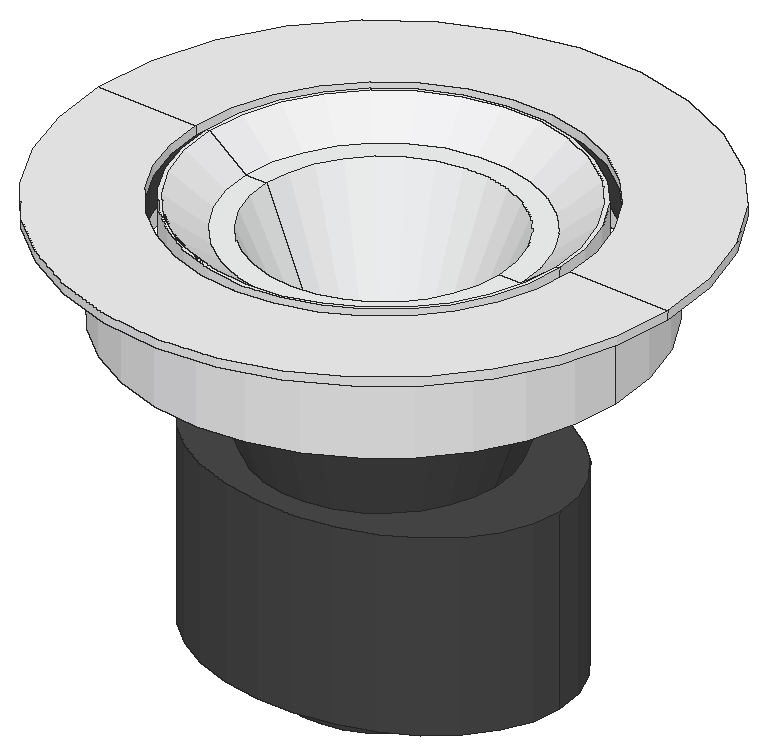
Revit family "2070022", category Lighting Fixtures, host Face, Revit 2018
Family settings
  Host = Face
  Round Connector Dimension = Use Diameter
  Part Type = Normal
  OmniClass Number = 23.80.70.11.17
  OmniClass Title = Specialized Lighting by Location or Use
  Cut with Voids When Loaded = No
  Light Source = No
  Shared = No
  Room Calculation Point = No
Parameters (values of type "EXPOSPOT 70 ADJ 90 4K WB WHT")
  Weight = 0.52 kg  # constant formula
  Total Power Consumption = 20.9996 W
  Reflector Material = Aluminum_Sylvania_Expospot_Polished
  Radius = Diameter / 2  # 68.5 mm
  Product Code = "0060248"
  Photometric Web File = IES_Expospot_70_Adjustable : 0060248
  Photobiological Risk Group = "RG1"  # constant formula
  Nominal Frequency = "50/60Hz"  # constant formula
  Mounting Outer Radius = Head Radius + 3.0 mm  # 45.5 mm
  Max. Luminaires per 20A C Breaker = "70"  # constant formula
  Max. Luminaires per 20A B Breaker = "42"  # constant formula
  Max. Luminaires per 16A C Breaker = "51"  # constant formula
  Max. Luminaires per 16A B Breaker = "31"  # constant formula
  Max. Luminaires per 13A C Breaker = "41"  # constant formula
  Max. Luminaires per 13A B Breaker = "25"  # constant formula
  Max. Luminaires per 10A C Breaker = "31"  # constant formula
  Max. Luminaires per 10A B Breaker = "19"  # constant formula
  Light Loss Factor = 1  # constant formula
  Lamp Power Factor = 0.9  # constant formula
  LOR = "100%"  # constant formula
  Keynote = ""
  Inrush Duration = "139µs"  # constant formula
  Inrush Current = 28 A  # constant formula
  Initial Intensity = 1988 lm
  Initial Color = 4000 K
  IP Rating = "IP20"  # constant formula
  IK Rating = "IK02"  # constant formula
  Height = 103.0 mm  # constant formula
  Voltage Comments = "220-240V~"  # constant formula
  Voltage = 240 V  # constant formula
  URL = "http://www.sylvania-lighting.com/product/en-int/category/interior-lighting/accent-downlights/families/expospot-led/expospot-70-adjustable"
  Product Page URL = "http://www.sylvania-lighting.com/product/en-int/products/0060248"
  Product Family = "EXPOSPOT 70 ADJUSTABLE"  # constant formula
  Head Radius = Radius - 26.0 mm  # 42.5 mm
  Head Diameter = Head Radius * 2  # 85.0 mm
  Head Angle [instance] = 0°
  Glow Wire Test = 850 °C  # constant formula
  Electrical Protection = "Class II"  # constant formula
  Drive Current = "500mA"  # constant formula
  Dimmable = "N"  # constant formula
  Diffuser Material = Acrylic_Sylvania_Expospot_4000K
  Diameter = 137.0 mm  # constant formula
  Cutout Diameter = Diameter - 11.0 mm  # 126.0 mm
  Created by URL = "http://all1studio.com/"
  Created by = "All 1 Studio Ltd. "  # constant formula
  Control Gear Type = "Electronic"  # constant formula
  Control Gear Required = "No"  # constant formula
  Control Gear Mounting = "Remote"  # constant formula
  Colour Variation Initial = "3SDCM"  # constant formula
  built-in parameter 1114216 [instance] = 1 (stored number, unit not read)
  Model = "EXPOSPOT 70 ADJ 90 4K WB WHT"
  Manufacturer = "Feilo Sylvania"  # constant formula
  Lamp = "LED"  # constant formula
  CRI = "90Ra"
  Body Material = Aluminum_Sylvania_Expospot_White
  Description = "Specifically designed for Retail and Display applications. I.e. Supermarkets Fashion Retail Department stores. Build around a 70mm reflector and lens combination."  # constant formula
  Default Elevation = 0.0 mm
  built-in parameter 1140040 [instance] = 1
  Beam Angle = 52°
  Average Life = "50 000h"  # constant formula
  Assembly Code = "D5020200"
  Apparent Load Comments = ""
  Apparent Load = 20.9996 VA
  Body Secondary Material = Plastic_Sylvania_Expospot_Black
Types (12, lengths in mm): name | Product Code | Photometric Web File | Keynote | Initial Intensity | Initial Color | URL | Product Page URL | Diffuser Material | Model | CRI | Beam Angle | Apparent Load
  EXPOSPOT 70 ADJ 90 4K WB WHT | "0060248" | IES_Expospot_70_Adjustable : 0060248 | "" | 1988 lm | 4000 K | "http://www.sylvania-lighting.com/product/en-int/category/interior-lighting/accent-downlights/families/expospot-led/expospot-70-adjustable" | "http://www.sylvania-lighting.com/product/en-int/products/0060248" | Acrylic_Sylvania_Expospot_4000K | "EXPOSPOT 70 ADJ 90 4K WB WHT" | "90Ra" | 52° | 20.9996 VA
  EXPOSPOT 70 ADJ 90 4K MB WHT | "0060247" | IES_Expospot_70_Adjustable : 0060247 | "" | 1964 lm | 4000 K | "http://www.sylvania-lighting.com/product/en-int/category/interior-lighting/accent-downlights/families/expospot-led/expospot-70-adjustable" | "http://www.sylvania-lighting.com/product/en-int/products/0060247" | Acrylic_Sylvania_Expospot_4000K | "EXPOSPOT 70 ADJ 90 4K MB WHT" | "90Ra" | 42° | 20.9996 VA
  EXPOSPOT 70 ADJ 90 4K NB WHT | "0060246" | IES_Expospot_70_Adjustable : 0060246 | "" | 1751 lm | 4000 K | "http://www.sylvania-lighting.com/product/en-int/category/interior-lighting/accent-downlights/families/expospot-led/expospot-70-adjustable" | "http://www.sylvania-lighting.com/product/en-int/products/0060246" | Acrylic_Sylvania_Expospot_4000K | "EXPOSPOT 70 ADJ 90 4K NB WHT" | "90Ra" | 24° | 20.9996 VA
  EXPOSPOT 70 ADJ 90 3K WB WHT | "0060245" | IES_Expospot_70_Adjustable : 0060245 | "" | 1815 lm | 3000 K | "http://www.sylvania-lighting.com/product/en-int/category/interior-lighting/accent-downlights/families/expospot-led/expospot-70-adjustable" | "http://www.sylvania-lighting.com/product/en-int/products/0060245" | Acrylic_Sylvania_Expospot_3000K | "EXPOSPOT 70 ADJ 90 3K WB WHT" | "90Ra" | 53° | 20.9996 VA
  EXPOSPOT 70 ADJ 90 3K MB WHT | "0060244" | IES_Expospot_70_Adjustable : 0060244 | "" | 1793 lm | 3000 K | "http://www.sylvania-lighting.com/product/en-int/category/interior-lighting/accent-downlights/families/expospot-led/expospot-70-adjustable" | "http://www.sylvania-lighting.com/product/en-int/products/0060244" | Acrylic_Sylvania_Expospot_3000K | "EXPOSPOT 70 ADJ 90 3K MB WHT" | "90Ra" | 42° | 20.9996 VA
  EXPOSPOT 70 ADJ 90 3K NB WHT | "0060243" | IES_Expospot_70_Adjustable : 0060243 | "" | 1769 lm | 3000 K | "http://www.sylvania-lighting.com/product/en-int/category/interior-lighting/accent-downlights/families/expospot-led/expospot-70-adjustable" | "http://www.sylvania-lighting.com/product/en-int/products/0060243" | Acrylic_Sylvania_Expospot_3000K | "EXPOSPOT 70 ADJ 90 3K NB WHT" | "90Ra" | 25° | 20.9996 VA
  EXPOSPOT 70 ADJ 80 4K WB WHT | "0060242" | IES_Expospot_70_Adjustable : 0060242 | "" | 1987 lm | 4000 K | "http://www.sylvania-lighting.com/product/en-int/category/interior-lighting/accent-downlights/families/expospot-led/expospot-70-adjustable" | "http://www.sylvania-lighting.com/product/en-int/products/0060242" | Acrylic_Sylvania_Expospot_4000K | "EXPOSPOT 70 ADJ 80 4K WB WHT" | "80Ra" | 54° | 20.9996 VA
  EXPOSPOT 70 ADJ 80 4K MB WHT | "0060241" | IES_Expospot_70_Adjustable : 0060241 | "" | 2224 lm | 4000 K | "http://www.sylvania-lighting.com/product/en-int/category/interior-lighting/accent-downlights/families/expospot-led/expospot-70-adjustable" | "http://www.sylvania-lighting.com/product/en-int/products/0060241" | Acrylic_Sylvania_Expospot_4000K | "EXPOSPOT 70 ADJ 80 4K MB WHT" | "80Ra" | 42° | 20.9996 VA
  EXPOSPOT 70 ADJ 80 4K NB WHT | "0060240" | IES_Expospot_70_Adjustable : 0060240 | "" | 2201 lm | 4000 K | "http://www.sylvania-lighting.com/product/en-int/category/interior-lighting/accent-downlights/families/expospot-led/expospot-70-adjustable" | "http://www.sylvania-lighting.com/product/en-int/products/0060240" | Acrylic_Sylvania_Expospot_4000K | "EXPOSPOT 70 ADJ 80 4K NB WHT" | "80Ra" | 25° | 20.9996 VA
  EXPOSPOT 70 ADJ 80 3K WB WHT | "0060239" | IES_Expospot_70_Adjustable : 0060239 | "" | 2082 lm | 3000 K | "http://www.sylvania-lighting.com/product/en-int/category/interior-lighting/accent-downlights/families/expospot-led/expospot-70-adjustable" | "http://www.sylvania-lighting.com/product/en-int/products/0060239" | Acrylic_Sylvania_Expospot_3000K | "EXPOSPOT 70 ADJ 80 3K WB WHT" | "80Ra" | 54° | 20.9996 VA
  EXPOSPOT 70 ADJ 80 3K NB WHT | "0060237" | IES_Expospot_70_Adjustable : 0060237 | "" | 2149 lm | 3000 K | "http://www.sylvania-lighting.com/product/en-int/category/interior-lighting/accent-downlights/families/expospot-led/expospot-70-adjustable" | "http://www.sylvania-lighting.com/product/en-int/products/0060237" | Acrylic_Sylvania_Expospot_3000K | "EXPOSPOT 70 ADJ 80 3K NB WHT" | "80Ra" | 43° | 20.9996 VA
  2070022 EXPOSPOT 70 ADJ RA90 3000K MB WHITE | "0060238" | IES_Expospot_70_Adjustable : 0060244 | "n/a" | 2152 lm | 3000 K | "0.95" | "http://www.sylvania-lighting.com/product/en-int/products/0060238" | Acrylic_Sylvania_Expospot_3000K | "EXPOSPOT 70 ADJUSTABLE RA90 3000K MB WHITE" | "80Ra" | 43° | 21 VA
Reference planes
  plane 1 "Center (Front/Back)": y = 0
  plane 2: z = 0
  plane 3 "Center (Left/Right)": x = -7.423
  plane 4: z = 2
  plane 5: z = -22.5
  plane 6: x = -75.923
  plane 7: z = -5
Forms (mm)
  Revolve 1, solid, material "Aluminum_Sylvania_Expospot_White" <- "Body Material", detail levels fine
    sketch origin (0, 0, 0) x (1, 0, 0) y (0, 0, 1)
      loop
        line (-75.923, 2) -> (-75.923, 0) -> (-63.423, 0) -> (-63.423, -22.5) -> (-61.423, -22.5) -> (-61.423, 0) -> (-52.423, 0) -> (-52.423, 2) -> (-75.923, 2)
      axis (-7.423, 2) -> (-7.423, -22.5)
    angle from 0 to 360
  Revolve 2, solid, material "Plastic_Sylvania_Expospot_Black" <- "Body Secondary Material", detail levels fine
    sketch origin (0, 0, 0) x (1, 0, 0) y (0, 0, 1)
      loop
        line (-61.423, 0) -> (-61.423, -1.5) -> (-54.423, -1.5) -> (-54.423, -8.5) -> (-52.923, -8.5) -> (-52.923, 0) -> (-61.423, 0)
      axis (-7.423, 0) -> (-7.423, -8.5)
    angle from 0 to 360
  Extrusion 3, void
    sketch origin (0, 0, 0) x (1, 0, 0) y (0, 1, 0)
      loop
        circle (-7.423, 0) r 63
    from -116.997 to 69.443
  Extrusion 4, solid, material "Aluminum_Sylvania_Expospot_White" <- "Body Material", detail levels fine
    sketch origin (-7.423, 0, 0) x (0, 1, 0) y (0, 0, 1)
      loop
        circle (0, -5) r 3.5
    from 42.5 <- "Head Radius" to 45.5 <- "Mounting Outer Radius"
  Extrusion 5, solid, material "Aluminum_Sylvania_Expospot_White" <- "Body Material", detail levels fine
    sketch origin (-7.423, 0, 0) x (0, 1, 0) y (0, 0, -1)
      loop
        circle (0, 5) r 3.5
    from 42.5 <- "Head Radius" to 45.5 <- "Mounting Outer Radius"
  Revolve 6, solid, material "Aluminum_Sylvania_Expospot_White" <- "Body Material", detail levels coarse+medium
    sketch origin (0, 0, 0) x (1, 0, 0) y (0, 0, 1)
      loop
        line (-75.923, 2) -> (-75.923, 0) -> (-63.423, 0) -> (-63.423, -22.5) -> (-61.423, -22.5) -> (-61.423, -8.5) -> (-52.423, -8.5) -> (-52.423, 2) -> (-75.923, 2)
      axis (-7.423, 2) -> (-7.423, -22.5)
    angle from 0 to 360
Lines and regions (mm)
  Masking region 1
    outline origin (0, 0, 0) x (1, 0, 0) y (0, 1, 0)
      loop
        circle (-7.423, 0) r 68.5
  reference lines
    curve 1: line (-7.423, 0, -5) -> (-7.423, 0, -60)
  symbolic lines, detail levels fine
    curve 2: arc (-52.423, 0, 0) -> (-7.423, 45, 0) -> (37.577, 0, 0) r 45
    curve 3: arc (37.577, 0, 0) -> (-7.423, -45, 0) -> (-52.423, 0, 0) r 45
Dimensions and locks
  plane 4 to plane 2 to plane 7 to plane 5 = 2.0 mm locked, 5.0 mm locked, 17.5 mm locked
  "Radius": plane 6 to plane 3 "Center (Left/Right)"
  "Cutout Diameter": diameter of Extrusion 3 sketch curve
  "Head Angle": angle plane 1 "Center (Front/Back)" to curve 1
  aligned and locked: host face to plane 2
  aligned and locked: host face to level
  aligned and locked: plane 6 to Revolve 1 sketch curve
  aligned and locked: Revolve 1 sketch curve to plane 3 "Center (Left/Right)"
  aligned and locked: plane 1 "Center (Front/Back)" to curve 1
  aligned and locked: plane 7 to curve 1
  aligned and locked: plane 6 to Revolve 6 sketch curve
Automatic sketch dimensions
  host sketch curve to host sketch curve = 1412.252 mm
  host sketch curve to host sketch curve = 1359.6 mm
  Revolve 1 sketch curve to level = 0.0 mm  (x2)
  Revolve 1 sketch curve to plane 5 = 0.0 mm
  Revolve 1 sketch curve to plane 4 = 0.0 mm
  Revolve 1 sketch curve to Revolve 1 sketch curve = 12.5 mm
  Revolve 1 sketch curve to Revolve 1 sketch curve = 2.0 mm
  Revolve 1 sketch curve to Revolve 1 sketch curve = 9.0 mm
  Revolve 1 sketch curve to plane 5 = 349.774 mm
  plane 4 to Revolve 1 sketch curve = 1145.706 mm
  Revolve 2 sketch curve to level = 0.0 mm
  Revolve 2 sketch curve to plane 3 "Center (Left/Right)" = 0.0 mm
  Revolve 2 sketch curve to plane 6 = 23.0 mm
  Revolve 2 sketch curve to Revolve 2 sketch curve = 1.5 mm
  Revolve 2 sketch curve to level = 1.5 mm
  Revolve 2 sketch curve to Revolve 2 sketch curve = 7.0 mm
  Revolve 2 sketch curve to plane 7 = 3.5 mm
  Revolve 2 sketch curve to plane 5 = 349.774 mm
  plane 4 to Revolve 2 sketch curve = 1145.706 mm
  plane 1 "Center (Front/Back)" to Extrusion 3 sketch curve = 0.0 mm
  Extrusion 3 sketch curve to plane 3 "Center (Left/Right)" = 0.0 mm
  Extrusion 4 sketch curve to plane 1 "Center (Front/Back)" = 0.0 mm
  Extrusion 4 sketch curve to plane 7 = 0.0 mm
  Extrusion 5 sketch curve to plane 1 "Center (Front/Back)" = 0.0 mm
  Extrusion 5 sketch curve to plane 7 = 0.0 mm
  Revolve 6 sketch curve to level = 0.0 mm
  Revolve 6 sketch curve to plane 5 = 0.0 mm
  Revolve 6 sketch curve to plane 4 = 0.0 mm
  Revolve 6 sketch curve to plane 3 "Center (Left/Right)" = 0.0 mm
  Revolve 6 sketch curve to plane 6 = 12.5 mm
  Revolve 6 sketch curve to plane 7 = 3.5 mm
  Revolve 6 sketch curve to Revolve 6 sketch curve = 9.0 mm
  Revolve 6 sketch curve to plane 5 = 349.774 mm
  plane 4 to Revolve 6 sketch curve = 1145.706 mm
  Revolve 6 sketch curve to Revolve 6 sketch curve = 2.0 mm
  Masking region 1 sketch curve to Masking region 1 sketch curve = 0.0 mm  (x2)
  plane 1 "Center (Front/Back)" to Masking region 1 sketch curve = 0.0 mm
  Masking region 1 sketch curve to plane 6 = 0.0 mm
  Masking region 1 sketch curve to plane 3 "Center (Left/Right)" = 0.0 mm
  curve 2 to curve 3 = 0.0 mm  (x2)
  plane 1 "Center (Front/Back)" to curve 2 = 0.0 mm
  curve 3 to plane 3 "Center (Left/Right)" = 0.0 mm
  curve 3 to plane 6 = 23.5 mm
  radius of Extrusion 4 sketch curve = 3.5 mm
  radius of Extrusion 5 sketch curve = 3.5 mm
Nested families
  nested 1: "Head_Expospot 70" at (-7.423, 0, 2), type "Head_Expospot 70"
  nested 2: "IES_Expospot_70_Adjustable" at (-7.423, 0, 2), type <- "Photometric Web File", type "0060248"
Connectors
  electrical at (-7.423, 0, -101), driven by "Voltage", driven by "Apparent Load", driven by "Lamp Power Factor"
    settings: on nested 1, index 1, voltage 240 V, apparent load 0 VA, apparent load phase1 20.9996 VA, apparent load phase2 0 VA, apparent load phase3 0 VA, power factor 0.9, load classification "Lighting", number of poles 1, system type 31, power factor state 1, is connector primary yes, connector utility no, sub classification motor no, connector description ""
Definition of nested family "Head_Expospot 70"
  Parameters (values of type "Head_Expospot 70")
    Reflector Material = none
    Radius = 42.5 mm
    Height = 103.0 mm
    Diffuser Material = none
    Default Elevation = 0.0 mm
    Cooling Y Axis = Radius - 10.0 mm  # 32.5 mm
    Cooling X Axis = Radius  # 42.5 mm
    Body Secondary Material = none
    Body Material = none
  Reference planes
    plane 1 "Center (Front/Back)": y = 0
    plane 2: z = 0
    plane 3 "Center (Left/Right)": x = 0
    plane 4: z = -47.5
    plane 5: z = -6.5
    plane 6 "Fixture Radius": x = -42.5
    plane 7: z = -52.5
    plane 8: z = -95
    plane 9: z = -103
    plane 10: z = -28
    plane 11 "Diffuser Radius": x = -10.5
  Forms (mm)
    Revolve 1, solid, material <- "Body Material", detail levels fine
      sketch origin (0, 0, 0) x (1, 0, 0) y (0, 0, 1)
        loop
          line (-42.5, 0) -> (-42.5, -28) -> (-40.5, -28) -> (-40.5, -3.393) -> (-36.342, -6.5) -> (-33, -6.5) -> (-41.7, 0) -> (-42.5, 0)
        axis (0, 0) -> (0, -28)
      angle from 0 to 360
    Revolve 2, solid, material <- "Reflector Material", detail levels fine
      sketch origin (0, 0, 0) x (1, 0, 0) y (0, 0, 1)
        loop
          line (-35, -6.5) -> (-35, -8.5) -> (-29.321, -8.5) -> (-12.675, -47.5) -> (-10.5, -47.5) -> (-28, -6.5) -> (-35, -6.5)
        axis (0, -6.5) -> (0, -47.5)
      angle from 0 to 360
    Revolve 3, solid, material <- "Body Secondary Material", detail levels fine
      sketch origin (0, 0, 0) x (1, 0, 0) y (0, 0, 1)
        loop
          line (-40.5, -17.5) -> (-40.5, -28) -> (-36.5, -28) -> (-27.095, -52.5) -> (0, -52.5) -> (0, -51.5) -> (-10.5, -51.5) -> (-10.5, -47.5) -> (-27.944, -47.5) -> (-35.813, -27) -> (-39.5, -27) -> (-39.5, -17.5) -> (-40.5, -17.5)
        axis (0, -17.5) -> (0, -52.5)
      angle from 0 to 360
    Revolve 4, solid, material <- "Body Secondary Material", detail levels fine
      sketch origin (0, 0, 0) x (1, 0, 0) y (0, 0, 1)
        loop
          line (-23.5, -95) -> (-23.5, -97) -> (-21.5, -103) -> (0, -103) -> (0, -95) -> (-23.5, -95)
        axis (0, -95) -> (0, -103)
      angle from 0 to 360
    Extrusion 5, solid, material <- "Body Secondary Material", detail levels fine
      sketch origin (0, 0, 0) x (1, 0, 0) y (0, 1, 0)
        loop
          spline (42.5, 0) -> (41.052, 8.412) -> (36.806, 16.25) -> (30.052, 22.981) -> (21.25, 28.146) -> (11, 31.393) -> (0, 32.5) -> (-11, 31.393) -> (-21.25, 28.146) -> (-30.052, 22.981) -> (-36.806, 16.25) -> (-41.052, 8.412) -> (-42.5, 0)
          spline (-42.5, 0) -> (-41.052, -8.412) -> (-36.806, -16.25) -> (-30.052, -22.981) -> (-21.25, -28.146) -> (-11, -31.393) -> (0, -32.5) -> (11, -31.393) -> (21.25, -28.146) -> (30.052, -22.981) -> (36.806, -16.25) -> (41.052, -8.412) -> (42.5, 0)
      from -95 to -52.5
    Extrusion 6, solid, material <- "Body Material", detail levels coarse+medium
      sketch origin (0, 0, 0) x (1, 0, 0) y (0, 1, 0)
        loop
          circle (0, 0) r 42.5
      from -103 to 0
    Revolve 7, solid, material <- "Diffuser Material", detail levels fine
      sketch origin (0, 0, 0) x (1, 0, 0) y (0, 0, 1)
        loop
          line (-10.5, -47.5) -> (-10.5, -51.5) -> (0, -51.5) -> (0, -47.5) -> (-10.5, -47.5)
        axis (0, -47.5) -> (0, -51.5)
      angle from 0 to 360
  Dimensions and locks
    "Radius": plane 3 "Center (Left/Right)" to plane 6 "Fixture Radius"
    locked: Revolve 4 sketch curve to plane 6 "Fixture Radius" at 19
    "Cooling Y Axis": plane 1 "Center (Front/Back)" to Extrusion 5 sketch curve
    "Cooling X Axis": Extrusion 5 sketch curve to plane 3 "Center (Left/Right)"
    locked: plane 11 "Diffuser Radius" to plane 6 "Fixture Radius" at 32
    plane 2 to plane 5 to plane 10 to plane 4 to plane 7 = 6.5 mm locked, 21.5 mm locked, 19.5 mm locked, 5.0 mm locked
    locked: plane 8 to plane 9 at 8
    "Height": plane 2 to plane 9
    "Radius": radius of Extrusion 6 sketch curve
    aligned and locked: level to plane 2
    aligned and locked: Revolve 1 sketch curve to plane 6 "Fixture Radius"
    aligned and locked: Extrusion 5 to plane 8
    aligned and locked: plane 7 to Extrusion 5
    aligned and locked: Extrusion 6 to plane 9
    aligned and locked: plane 2 to Extrusion 6
    aligned and locked: Revolve 1 sketch curve to plane 10
    aligned and locked: plane 11 "Diffuser Radius" to Revolve 7 sketch curve
    aligned and locked: plane 11 "Diffuser Radius" to Revolve 3 sketch curve
  Automatic sketch dimensions
    Revolve 4 sketch curve to plane 8 = 0.0 mm
    Revolve 4 sketch curve to plane 9 = 0.0 mm
    Revolve 4 sketch curve to plane 3 "Center (Left/Right)" = 0.0 mm  (x2)
    Revolve 4 sketch curve to plane 8 = 2.0 mm
    Revolve 4 sketch curve to Revolve 4 sketch curve = 2.0 mm
    Revolve 4 sketch curve to plane 9 = 265.545 mm
    level to Revolve 4 sketch curve = 2214.315 mm
    Revolve 1 sketch curve to level = 0.0 mm
    Revolve 1 sketch curve to plane 5 = 0.0 mm
    Revolve 1 sketch curve to plane 3 "Center (Left/Right)" = 0.0 mm
    Revolve 1 sketch curve to Revolve 1 sketch curve = 0.8 mm
    plane 6 "Fixture Radius" to Revolve 1 sketch curve = 2.0 mm
    plane 5 to Revolve 1 sketch curve = 3.107 mm
    Revolve 1 sketch curve to Revolve 1 sketch curve = 3.342 mm
    Revolve 1 sketch curve to Revolve 1 sketch curve = 7.5 mm
    Revolve 1 sketch curve to plane 9 = 288.545 mm
    level to Revolve 1 sketch curve = 2214.315 mm
    Revolve 7 sketch curve to plane 3 "Center (Left/Right)" = 0.0 mm  (x2)
    Revolve 7 sketch curve to plane 4 = 0.0 mm
    plane 7 to Revolve 7 sketch curve = 1.0 mm
    Revolve 3 sketch curve to plane 10 = 0.0 mm
    Revolve 3 sketch curve to plane 4 = 0.0 mm
    Revolve 3 sketch curve to plane 3 "Center (Left/Right)" = 0.0 mm  (x2)
    Revolve 3 sketch curve to plane 7 = 0.0 mm
    Revolve 3 sketch curve to Revolve 3 sketch curve = 0.848 mm
    plane 10 to Revolve 3 sketch curve = 1.0 mm
    plane 6 "Fixture Radius" to Revolve 3 sketch curve = 6.687 mm
    Revolve 3 sketch curve to Revolve 3 sketch curve = 0.687 mm
    plane 6 "Fixture Radius" to Revolve 3 sketch curve = 3.0 mm
    Revolve 3 sketch curve to Revolve 3 sketch curve = 1.0 mm
    Revolve 3 sketch curve to Revolve 3 sketch curve = 9.5 mm
    Revolve 3 sketch curve to plane 9 = 265.545 mm
    plane 7 to Revolve 3 sketch curve = 1.0 mm
    level to Revolve 3 sketch curve = 2214.315 mm
    plane 6 "Fixture Radius" to Revolve 3 sketch curve = 14.556 mm
    Revolve 7 sketch curve to plane 9 = 265.545 mm
    level to Revolve 7 sketch curve = 2214.315 mm
    Revolve 2 sketch curve to plane 5 = 0.0 mm
    plane 11 "Diffuser Radius" to Revolve 2 sketch curve = 0.0 mm
    Revolve 2 sketch curve to plane 3 "Center (Left/Right)" = 0.0 mm
    Revolve 2 sketch curve to Revolve 2 sketch curve = 7.0 mm
    Revolve 2 sketch curve to plane 9 = 288.545 mm
    level to Revolve 2 sketch curve = 2214.315 mm
    Revolve 2 sketch curve to plane 5 = 2.0 mm
    Revolve 2 sketch curve to plane 4 = 0.0 mm
    plane 11 "Diffuser Radius" to Revolve 2 sketch curve = 2.175 mm
    Revolve 2 sketch curve to Revolve 2 sketch curve = 1.321 mm
    plane 6 "Fixture Radius" to Revolve 2 sketch curve = 14.5 mm
    plane 1 "Center (Front/Back)" to Extrusion 5 sketch curve = 0.0 mm
    Extrusion 5 sketch curve to plane 3 "Center (Left/Right)" = 0.0 mm
    plane 1 "Center (Front/Back)" to Extrusion 6 sketch curve = 0.0 mm
    Extrusion 6 sketch curve to plane 3 "Center (Left/Right)" = 0.0 mm
Definition of nested family "IES_Expospot_70_Adjustable"
  Parameters (values of type "0060237")
    Wattage = 21.0007 W
    built-in parameter 1150110 = 1 (stored number, unit not read)
    Total Power Consumption = 20.9996 W
    built-in parameter 1114217 = 1 (stored number, unit not read)
    Tilt Angle = -90°
    built-in parameter 1150109 = 1 (stored number, unit not read)
    built-in parameter 1150134 = (empty or 0)
    built-in parameter 1150113 = 1 (stored number, unit not read)
    Photometric Web File = "0060237.ies"
    built-in parameter 1150105 = 171.01 (stored number, unit not read)
    Lumens = 2149 lm
    built-in parameter 1150115 = 1 (stored number, unit not read)
    built-in parameter 1150137 = (empty or 0)
    built-in parameter 1150139 = (empty or 0)
    built-in parameter 1150112 = 1 (stored number, unit not read)
    built-in parameter 1150114 = 1 (stored number, unit not read)
    built-in parameter 1150132 = 2
    built-in parameter 1150102 = (empty or 0)
    built-in parameter 1150107 = 3000 (stored number, unit not read)
    built-in parameter 1150138 = (empty or 0)
    built-in parameter 1150106 = 1.7101 (stored number, unit not read)
    Emit from Circle Diameter = 85.0 mm
    Emit Shape Visible in Rendering = no
    built-in parameter 1150104 = 9.5068 (stored number, unit not read)
    Dimming Lamp Color Temperature Shift = (empty or 0)
    Default Elevation = 0.0 mm
    Color Filter = 16777215
    built-in parameter 1114218 = 1 (stored number, unit not read)
    built-in parameter 1150133 = 10 (stored number, unit not read)
    Apparent Load = 20.9996 VA
  Types (12, lengths in mm): name | Wattage | built-in parameter 1150134 | Photometric Web File | built-in parameter 1150105 | Lumens | built-in parameter 1150107 | built-in parameter 1150106 | built-in parameter 1150104
    0060248 | 20.9996 W | 12 | "0060248.ies" | 158.2 (stored number, unit not read) | 1988 lm | 4000 (stored number, unit not read) | 1.582 (stored number, unit not read) | 8.795 (stored number, unit not read)
    0060247 | 20.9996 W | 12 | "0060247.ies" | 156.29 (stored number, unit not read) | 1964 lm | 4000 (stored number, unit not read) | 1.5629 (stored number, unit not read) | 8.6888 (stored number, unit not read)
    0060246 | 20.9996 W | 12 | "0060246.ies" | 139.34 (stored number, unit not read) | 1751 lm | 4000 (stored number, unit not read) | 1.3934 (stored number, unit not read) | 7.7465 (stored number, unit not read)
    0060245 | 20.9996 W | (empty or 0) | "0060245.ies" | 144.43 (stored number, unit not read) | 1815 lm | 3000 (stored number, unit not read) | 1.4443 (stored number, unit not read) | 8.0296 (stored number, unit not read)
    0060244 | 20.9996 W | (empty or 0) | "0060244.ies" | 142.68 (stored number, unit not read) | 1793 lm | 3000 (stored number, unit not read) | 1.4268 (stored number, unit not read) | 7.9323 (stored number, unit not read)
    0060243 | 20.9996 W | (empty or 0) | "0060243.ies" | 140.77 (stored number, unit not read) | 1769 lm | 3000 (stored number, unit not read) | 1.4077 (stored number, unit not read) | 7.8261 (stored number, unit not read)
    0060242 | 20.9996 W | 12 | "0060242.ies" | 158.12 (stored number, unit not read) | 1987 lm | 4000 (stored number, unit not read) | 1.5812 (stored number, unit not read) | 8.7906 (stored number, unit not read)
    0060241 | 20.9996 W | 12 | "0060241.ies" | 176.98 (stored number, unit not read) | 2224 lm | 4000 (stored number, unit not read) | 1.7698 (stored number, unit not read) | 9.8391 (stored number, unit not read)
    0060240 | 20.9996 W | 12 | "0060240.ies" | 175.15 (stored number, unit not read) | 2201 lm | 4000 (stored number, unit not read) | 1.7515 (stored number, unit not read) | 9.7373 (stored number, unit not read)
    0060239 | 20.9996 W | (empty or 0) | "0060239.ies" | 165.68 (stored number, unit not read) | 2082 lm | 3000 (stored number, unit not read) | 1.6568 (stored number, unit not read) | 9.2109 (stored number, unit not read)
    0060238 | 20.9996 W | (empty or 0) | "0060238.ies" | 171.25 (stored number, unit not read) | 2152 lm | 3000 (stored number, unit not read) | 1.7125 (stored number, unit not read) | 9.5206 (stored number, unit not read)
    0060237 | 21.0007 W | (empty or 0) | "0060237.ies" | 171.01 (stored number, unit not read) | 2149 lm | 3000 (stored number, unit not read) | 1.7101 (stored number, unit not read) | 9.5068 (stored number, unit not read)
  Reference planes
    plane 1 "Center (Front/Back)": y = 0
    plane 2: z = 0
    plane 3 "Center (Left/Right)": x = 0
  Dimensions and locks
    aligned and locked: level to plane 2
    aligned and locked: plane 3 "Center (Left/Right)" to imposter light
    aligned and locked: plane 1 "Center (Front/Back)" to imposter light
    aligned and locked: level to imposter light
